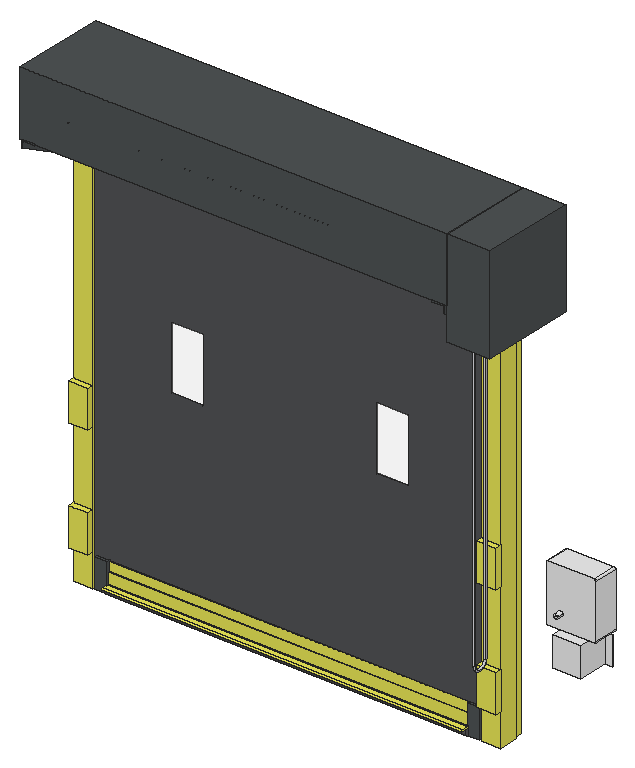
Revit family "Doors_Industrial_Wayne-Dalton_High-Speed-Exterior-Rubber-Doors-Model-885-ADV-Xtreme_туц", category Specialty Equipment, host Wall, Revit 2019 (continued)
Definition of nested family "Lifts"
  Definition of nested family "General Motor"
    Automatic sketch dimensions
      Extrusion 6 sketch curve to Extrusion 6 sketch curve = 0' - 2.43657"
      Extrusion 6 sketch curve to level = 1' - 1.275"
      Extrusion 6 sketch curve to Extrusion 6 sketch curve = 0' - 1.01"
      Extrusion 6 sketch curve to level = 0' - 7.275"  (x2)
      Extrusion 7 sketch curve to plane 1 "Center (Front/Back)" = 0' - 0 1/4"
      level to Extrusion 7 sketch curve = 0' - 0.846"
      Extrusion 7 sketch curve to level = 0' - 5.846"
      Extrusion 8 sketch curve to plane 6 = 0' - 0"
      Extrusion 8 sketch curve to plane 1 "Center (Front/Back)" = 0' - 10.6"
      Extrusion 8 sketch curve to Extrusion 8 sketch curve = 0' - 2.6"
      Extrusion 9 sketch curve to plane 1 "Center (Front/Back)" = 0' - 8.066"
      Extrusion 9 sketch curve to level = 1' - 7.69509"
      Sweep 10 sketch curve to profile plane = 0' - 0.2675"
      profile plane to Sweep 10 sketch curve = 0' - 3.18196"
      Masking region 2 sketch curve to plane 3 "Center (Left/Right)" = 0' - 0"
      Masking region 2 sketch curve to plane 3 "Center (Left/Right)" = 0' - 1.97"  (x2)
      Masking region 2 sketch curve to Masking region 2 sketch curve = 0' - 0.53"  (x4)
      plane 3 "Center (Left/Right)" to Masking region 2 sketch curve = 0' - 1.97"  (x2)
      Masking region 2 sketch curve to plane 1 "Center (Front/Back)" = 0' - 1.18157"  (x2)
      Masking region 2 sketch curve to Masking region 2 sketch curve = 0' - 0.39"  (x4)
      Masking region 2 sketch curve to Masking region 2 sketch curve = 0' - 2.93885"  (x2)
      Masking region 2 sketch curve to Masking region 2 sketch curve = 0' - 3.16557"
      Masking region 1 sketch curve to Masking region 1 sketch curve = 0' - 0"  (x2)
      plane 1 "Center (Front/Back)" to Masking region 1 sketch curve = 0' - 0"
      Masking region 1 sketch curve to plane 3 "Center (Left/Right)" = 0' - 0"
      Masking region 1 sketch curve to plane 1 "Center (Front/Back)" = 0' - 0 1/4"
      Masking region 1 sketch curve to plane 3 "Center (Left/Right)" = 0' - 1.14825"
      Masking region 1 sketch curve to plane 3 "Center (Left/Right)" = 0' - 1.97"
      Masking region 1 sketch curve to Masking region 1 sketch curve = 0' - 0.82175"
      Masking region 1 sketch curve to Masking region 1 sketch curve = 0' - 0.25576"  (x2)
      Masking region 1 sketch curve to Masking region 1 sketch curve = 0' - 0.53"  (x2)
      Masking region 1 sketch curve to plane 3 "Center (Left/Right)" = 0' - 2 1/2"
      plane 3 "Center (Left/Right)" to Masking region 1 sketch curve = 0' - 1.97"  (x2)
      plane 3 "Center (Left/Right)" to Masking region 1 sketch curve = 0' - 2 1/2"
      Masking region 1 sketch curve to Masking region 1 sketch curve = 0' - 0.33924"  (x2)
      Masking region 1 sketch curve to Masking region 1 sketch curve = 0' - 0.065"
      Masking region 1 sketch curve to Masking region 1 sketch curve = 0' - 1.23391"
      Masking region 1 sketch curve to Masking region 1 sketch curve = 0' - 2.07141"
      Masking region 1 sketch curve to Masking region 1 sketch curve = 0' - 0.14434"
      Masking region 1 sketch curve to Masking region 1 sketch curve = 0' - 1.68009"
      Masking region 1 sketch curve to Masking region 1 sketch curve = 0' - 0 1/4"
      Masking region 1 sketch curve to plane 1 "Center (Front/Back)" = 0' - 0.25881"
      Masking region 1 sketch curve to Masking region 1 sketch curve = 0' - 0.92276"  (x2)
      Masking region 1 sketch curve to plane 1 "Center (Front/Back)" = 0' - 1.755"
      Masking region 1 sketch curve to Masking region 1 sketch curve = 0' - 0.06699"
      Masking region 1 sketch curve to Masking region 1 sketch curve = 0' - 1.67401"
      Masking region 1 sketch curve to Masking region 1 sketch curve = 0' - 3.71885"  (x2)
      Masking region 1 sketch curve to Masking region 1 sketch curve = 0' - 0.49957"
      Masking region 1 sketch curve to Masking region 1 sketch curve = 0' - 0.97228"
      Masking region 1 sketch curve to Masking region 1 sketch curve = 0' - 1.47185"
      Masking region 1 sketch curve to Masking region 1 sketch curve = 0' - 0.35372"
      Masking region 1 sketch curve to Masking region 1 sketch curve = 0' - 2.68"  (x2)
      Masking region 1 sketch curve to Masking region 1 sketch curve = 0' - 1.194"
      Masking region 1 sketch curve to Masking region 1 sketch curve = 0' - 4.469"
      curve 6 to plane 3 "Center (Left/Right)" = 0' - 2 1/2"
      curve 1 to plane 1 "Center (Front/Back)" = 0' - 0.626"
      curve 1 to plane 3 "Center (Left/Right)" = 0' - 1.97"
      curve 2 to plane 1 "Center (Front/Back)" = 0' - 0.626"
      plane 3 "Center (Left/Right)" to curve 2 = 0' - 1.97"
      curve 2 to curve 3 = 0' - 0.53"
      curve 3 to curve 5 = 0' - 0.065"
      curve 5 to curve 4 = 0' - 0.005"
      curve 2 to curve 4 = 0' - 4.774"
      curve 4 to curve 2 = 0' - 0.97228"
      curve 1 to curve 2 = 0' - 0"
      curve 2 to curve 4 = 0' - 1.31333"
      curve 4 to curve 5 = 0' - 0.79317"
      curve 1 to curve 6 = 0' - 2.40055"
      curve 5 to curve 3 = 0' - 0.29406"
      curve 6 to curve 6 = 0' - 0.63317"
      curve 3 to curve 5 = 0' - 0.63317"
      curve 5 to curve 3 = 0' - 4.469"
      Extrusion 11 sketch curve to plane 13 = 0' - 0"
      radius of Extrusion 9 sketch curve = 0' - 1.34"
      radius of Sweep 10 sketch curve = 0' - 0.2675"
      radius of Masking region 2 sketch curve = 0' - 2.598"
Definition of nested family "Panel"
  Parameters (values of type "Panel")
    Window Width = 0' - 10"  # constant formula
    Window Thickness = 0' - 0.16"  # constant formula
    Window Material = none
    Window Height = 1' - 8"
    Width = 10' - 0"
    Void Offset = if(VP, 0' 0", 0' 3")  # 0' - 0"
    VP = yes
    Panel Material = none
    Offset = (Width / (Array Count Real * 2)) - 0' 10" / 2  # 2' - 1"
    No VP = not(VP)  # no
    New Offset = if(Height Real < 5' 2 1/2" + Window Height + 0' 1", Height Real - Window Height - 0' 1", 5' 2 1/2")  # 5' - 2 1/2"
    Negative Window Thickness = -Window Thickness  # -0' - 0.16"
    Hood Offset = 0' - 0"
    Hood Height = 1' - 8 51/128"
    Height Real = Height + Header Height - Hood Offset - Hood Height + 7' 3" / 256  # 11' - 4 209/256"
    Height = 10' - 0"
    Header Height = 3' - 0 7/8"
    Finish Material = none
    Default Elevation = 4' - 0"
    Array Count Real = if(Array Count = 1, 2, Array Count)  # 2
    Array Count = if(Width < 10' 4", 2, if(Width < 16' 4", 4, if(Width < 22' 4", 6, if(Width < 28' 4", 8, 10))))  # 2
    1 Window Offset = if(Array Count = 3, Width / 2, 0' 6" + (Window Width / 2))  # 0' - 11"
  Reference planes (in)
    plane 1 "Center (Front/Back)": y = 0
    plane 2: z = 0
    plane 3 "Center (Left/Right)": x = 0
    plane 4: z = 136.81641
    plane 5: x = -60
    plane 6: x = 60
    plane 7: x = -68
    plane 8: x = 68
    plane 9: x = -37
    plane 10: x = 37
    plane 11: z = 62.5
    plane 12: z = 82.5
    plane 13: x = -62
    plane 14: x = 62
    plane 15 "Void": y = 0
  Forms (in)
    Extrusion 1, solid, material <- "Panel Material"
      sketch origin (0, 0, 0) x (1, 0, 0) y (0, 0, 1)
        loop
          line (-62, 0.5) -> (62, 0.5) -> (62, 136.81641) -> (-62, 136.81641) -> (-62, 0.5)
      from 0 to 0.16
    Extrusion 2, void
      sketch origin (-5, 0, 0) x (-1, 0, 0) y (0, 0, 1)
        loop
          line (32, 82.5) -> (22, 82.5) -> (22, 62.5) -> (32, 62.5) -> (32, 82.5)
      from -0.16 to 0
    Extrusion 3, void
      sketch origin (59, 0, 0) x (-1, 0, 0) y (0, 0, 1)
        loop
          line (32, 82.5) -> (22, 82.5) -> (22, 62.5) -> (32, 62.5) -> (32, 82.5)
      from -0.16 to 0
  Cuts and joins
    Extrusion 2, Extrusion 3 cuts Extrusion 1
  Dimensions and locks (in)
    equal spacing: plane 5, plane 3 "Center (Left/Right)", plane 6
    "Width": plane 5 to plane 6
    "Height Real": plane 4 to level
    locked: plane 7 to plane 5 at 8
    locked: plane 6 to plane 8 at 8
    "Window Height": plane 12 to plane 11
    locked: Extrusion 1 sketch curve to level at 0.5
    plane 12 to plane 11 = 1' - 8"
    locked: plane 13 to plane 5 at 2
    locked: plane 6 to plane 14 at 2
    "Offset": plane 13 to plane 9
    "Offset": plane 14 to plane 10
    locked: Extrusion 1 to plane 1 "Center (Front/Back)" at 0.16
    "Void Offset": plane 1 "Center (Front/Back)" to plane 15 "Void"
    "New Offset": plane 11 to level
    "Window Height": Extrusion 2 sketch curve to Extrusion 2 sketch curve
    "Window Height": Extrusion 3 sketch curve to Extrusion 3 sketch curve
    group 1 to group 2 = 5' - 4"
    group 1 to group 2 = 0' - 0"  (x2)
    aligned and locked: plane 2 to level
    aligned and locked: Extrusion 1 sketch curve to plane 4
    aligned and locked: Extrusion 1 to plane 13
    aligned and locked: Extrusion 1 to plane 14
    aligned and locked: plane 9 to Extrusion 2
    aligned and locked: Extrusion 3 to plane 11
    aligned and locked: Extrusion 2 to plane 11
    aligned and locked: plane 10 to Extrusion 3
    aligned and locked: plane 15 "Void" to Extrusion 3
    aligned and locked: plane 15 "Void" to Extrusion 2
    aligned and locked: nested 1 to Extrusion 2  (x2)
    aligned and locked: nested 2 to Extrusion 3  (x2)
  Automatic sketch dimensions
    plane 5 to Extrusion 1 sketch curve = 0' - 2"
    Extrusion 1 sketch curve to plane 6 = 0' - 2"
    Extrusion 2 sketch curve to Extrusion 2 sketch curve = 0' - 10"
    Extrusion 3 sketch curve to Extrusion 3 sketch curve = 0' - 10"
  Nested families (in)
    nested 1: "Family1" at (-32, 0, 62.5), visible <- "VP", type "Family1"
      with Window Width 0' - 10", Window Height 1' - 8", Panel Thickness 0' - 0.16"
    nested 2: "Family1" at (32, 0, 62.5), visible <- "VP", type "Family1"
      with Window Width 0' - 10", Window Height 1' - 8", Panel Thickness 0' - 0.16"
  Definition of nested family "Family1"
    Parameters
      Window Width = 1' - 8"
      Window Height = 2' - 0.61266"
      Panel Thickness = 0' - 5.78738"
      Glass = none
      Default Elevation = 4' - 0"
    Reference planes (in)
      plane 1 "Center (Front/Back)": y = 0
      plane 2: z = 0
      plane 3 "Center (Left/Right)": x = 0
      plane 4: y = -5.78738
      plane 5: x = -10
      plane 6: x = 10
      plane 7: z = 24.61266
    Forms (in)
      Extrusion 1, solid, material <- "Glass"
        sketch origin (0, 0, 0) x (1, 0, 0) y (0, 1, 0)
          loop
            line (-10, -5.78738) -> (10, -5.78738) -> (10, 0) -> (-10, 0) -> (-10, -5.78738)
        from 0 to 24.61266
    Dimensions and locks (in)
      "Panel Thickness": plane 4 to plane 1 "Center (Front/Back)"
      "Window Height": plane 7 to level
      "Window Width": plane 5 to plane 6
      equal spacing: plane 5, plane 3 "Center (Left/Right)", plane 6
      aligned and locked: plane 2 to level
      aligned and locked: Extrusion 1 sketch curve to plane 5
      aligned and locked: Extrusion 1 sketch curve to plane 6
      aligned and locked: Extrusion 1 sketch curve to plane 1 "Center (Front/Back)"
      aligned and locked: Extrusion 1 sketch curve to plane 4
      aligned and locked: plane 7 to Extrusion 1
      aligned and locked: Extrusion 1 to level
Types (4): name | External Transformer | Voltage | Apparent Load Phase 3 | Apparent Load Phase 2 | Apparent Load Phase 1
  208 volts, three phase, 60 Hz (190-207 V range) | yes | 208 V | 2401.78 VA | 2401.78 VA | 2401.78 VA
  230 volts, three phase, 60 Hz (208-245 V range) | no | 230 V | 2655.81 VA | 2655.81 VA | 2655.81 VA
  460 volts, three phase, 60 Hz (456-495 V range) | no | 460 V | 5311.62 VA | 5311.62 VA | 5311.62 VA
  575 volts, three phase, 60 Hz | yes | 575 V | 6639.53 VA | 6639.53 VA | 6639.53 VA
